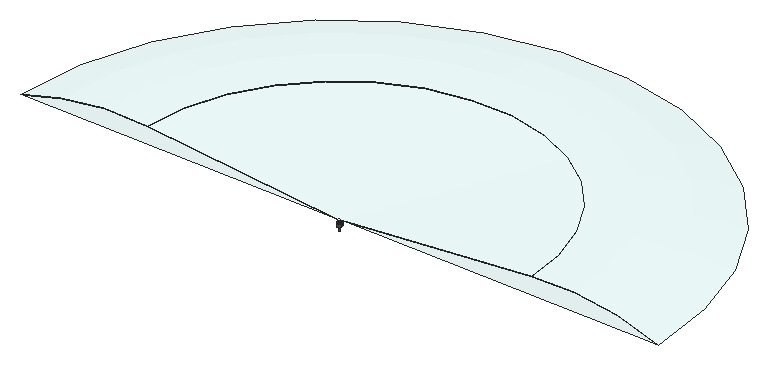
Revit family "MPR Series Nozzles - FLT", category Conexões de tubo, Revit 2020
Family settings
  Cota do conector redondo = Utilizar diâmetro
  Tipo de parte = Cobertura
  Número OmniClass = 23.60.30.11.14
  Título OmniClass = Pipework Fittings
  Com base no plano de trabalho = Sim
  Sempre na vertical = Sim
  Corte com vazios quando carregada = Não
  Compartilhado = Não
Parameters (values of type "8 Series MPR")
  Water Visibility (Circle) = yes
  Water = Water
  URL = "https://www.rainbird.com/"
  Type = 2 ft
  SupportProjetos: Reviw Date = "2021"  # constant formula
  SupportProjetos: Level of Detail = "LOD 300"  # constant formula
  SupportProjetos: Developed = "MICHEL SOARES MOTA"  # constant formula
  SupportProjetos: Creation Date = "28/07/2020"  # constant formula
  Reviw = "R01"  # constant formula
  RainBird: Product Link = "https://store.rainbird.com/sprinklers/nozzles.html?sprays_nozzleseries=102"
  RainBird: Description [instance] = if(and(Type = 2 ft, Limit Angle = 180.00°), "Spray Nozzles  8H FLT Series MPR ", if(and(Type = 2 ft, Limit Angle = 90.00°), "Spray Nozzles  8Q FLT Series MPR ", "Does not exist"))  # "Spray Nozzles  8H FLT Series MPR "
  RainBird: Comment [instance] = ""
  Radius [instance] = if(and(Limit Angle = 180.00°, Pressure = 15.0 psi, Type = 2 ft), 6 ft, if(and(Limit Angle = 180.00°, Pressure = 20.0 psi, Type = 2 ft), 7 ft, if(and(Limit Angle = 180.00°, Pressure = 25.0 psi, Type = 2 ft), 7 ft, if(and(Limit Angle = 180.00°, Pressure = 30.0 psi, Type = 2 ft), 8 ft, if(and(Limit Angle = 90.00°, Pressure = 15.0 psi, Type = 2 ft), 6 ft, if(and(Limit Angle = 90.00°, Pressure = 20.0 psi, Type = 2 ft), 7 ft, if(and(Limit Angle = 90.00°, Pressure = 25.0 psi, Type = 22 ft), 7 ft, if(and(Limit Angle = 90.00°, Pressure = 30.0 psi, Type = 2 ft), 8 ft, 200 ft))))))))  # 6 ft
  R2 [instance] = 0.032808 ft
  R1 [instance] = 0.026247 ft
  Pressure [instance] = 15 psi
  Plastic 2 = Black Plastic
  Plastic 1 = Green
  PCS - 090 [instance] = no
  PCS - 060 [instance] = no
  PCS - 040 [instance] = no
  PCS - 030 [instance] = no
  PCS - 025 [instance] = no
  PCS - 020 [instance] = yes
  Modelo = "8 MPR FLT"
  Metal = PARAFUSO
  H2 = 1.312 ft  # constant formula
  H1 [instance] = 0.049213 ft
  Flow [instance] = if(and(Limit Angle = 180.00°, Pressure = 15.0 psi, Type = 2 ft), 0.56 GPM, if(and(Limit Angle = 180.00°, Pressure = 20.0 psi, Type = 2 ft), 0.65 GPM, if(and(Limit Angle = 180.00°, Pressure = 25.0 psi, Type = 2 ft), 0.72 GPM, if(and(Limit Angle = 180.00°, Pressure = 30.0 psi, Type = 2 ft), 0.79 GPM, if(and(Limit Angle = 90.00°, Pressure = 15.0 psi, Type = 2 ft), 0.28 GPM, if(and(Limit Angle = 90.00°, Pressure = 20.0 psi, Type = 2 ft), 0.32 GPM, if(and(Limit Angle = 90.00°, Pressure = 25.0 psi, Type = 2 ft), 0.36 GPM, if(and(Limit Angle = 90.00°, Pressure = 30.0 psi, Type = 2 ft), 0.39 GPM, 0.0 GPM))))))))  # 0.56 GPM
  Default Elevation = 4 ft
  Description = "Spray Nozzles MPR Series "  # constant formula
  DT8 [instance] = if(Limit Angle < 360.00°, 0.098425 ft, 6.56168 ft)  # 0.098425 ft
  DT7 [instance] = 4 * Radius  # 24 ft
  DT4 [instance] = 5 * Radius  # 30 ft
  DT3 [instance] = 0.3397 * Radius  # 2.0382 ft
  DT2 = 0.098425 ft  # constant formula
  DT13 = 0.049769 ft
  DT12 = 0.070216 ft
  DT1 = 0.032808 ft
  DT6 = 0 ft
  DT5 [instance] = 0.6 * Radius  # 3.6 ft
  Blue Plastic = Transparent Plastic
  Limit Angle [instance] = if(and(Arc Angle > 0.00°, Arc Angle < 90.00°), 90.00°, if(Arc Angle = 90.00°, 90.00°, if(and(Arc Angle > 90.00°, Arc Angle < 180.00°), 180.00°, if(Arc Angle = 180.00°, 180.00°, 0.00°))))  # 180.00°
  Arc Angle [instance] = 180.00°
  Angle 2 [instance] = if(Limit Angle < 360.00°, 360.00° - Limit Angle, 180.00°)  # 180.00°
  Angle = 5.00°
Reference planes (ft)
  plane 1 "Centro (Frente/Trás)": y = 0
  plane 2: z = 0
  plane 3 "Centro (Esquerda/Direita)": x = 0
Forms (ft)
  Revolve 1, solid, material "Water" <- "Water", visible <- "Water Visibility (Circle)"
    sketch origin (0, 0, 0) x (1, 0, 0) y (0, 0, 1)
      loop
        line (0.032808, 0.098425) -> (6.032808, 0.098425)
        arc (6.032808, 0.098425) -> (4.84301, 0.38648) -> (3.619109, 0.412186) r 5.664562
        line (3.619109, 0.412186) -> (0.032808, 0.098425)
      axis (0, 0.098425) -> (0, 0.412186)
    angle from 0 to 180 <- "Arc Angle"
Dimensions and locks (ft)
  "DT1": Revolve 1 sketch curve to plane 3 "Centro (Esquerda/Direita)"
  "DT2": Revolve 1 sketch curve to level
  "Radius": Revolve 1 sketch curve to Revolve 1 sketch curve
  "DT5": Revolve 1 sketch curve to Revolve 1 sketch curve
  "Angle": angle Revolve 1 sketch curve to Revolve 1 sketch curve
  aligned and locked: level to plane 2
Automatic sketch dimensions
  Revolve 1 sketch curve to plane 3 "Centro (Esquerda/Direita)" = 0 ft
  plane 3 "Centro (Esquerda/Direita)" to Revolve 1 sketch curve = 4.112808 ft
  Revolve 1 sketch curve to Revolve 1 sketch curve = 0.052946 ft
  Revolve 1 sketch curve to Revolve 1 sketch curve = 10.2693 ft
Nested families (ft)
  nested 1: "R VAN PCS Screen" at (0, 0, 0), Material <- "Blue Plastic", PCS.020 <- "PCS - 020", PCS.025 <- "PCS - 025", PCS.030 <- "PCS - 030", PCS.040 <- "PCS - 040", PCS.060 <- "PCS - 060", PCS.090 <- "PCS - 090", type "R VAN PCS Screen"
    with RainBird: Description "PCS - 020", PCS.090 no, PCS.060 no, PCS.040 no, PCS.030 no, PCS.025 no, PCS.020 yes, Material Transparent Plastic
  nested 2: "BOCAL U" at (0, 0, 0), Material 2 <- "Plastic 2", Material 1 <- "Plastic 1", Matreral 3 <- "Metal", type "BOCAL U"
    with Matreral 3 PARAFUSO, Material 2 Black Plastic, Material 1 Green
Connectors (ft)
  piping at (0, 0, 0), diameter 2
    settings: on nested 1, index 1, connector inside diameter 609.6 mm, connector length 0 ft, flow factor 0, pipe flow 0.0 GPM, pressure drop 0 psi, fitting loss kfactor 0, connector angle 0.00°, fixture units 0, engagement length 0 ft, angle of deflection 0.00°, flow configuration 0, flow direction 0, fitting loss method 0, system type 28, joint type 0, gender type 0, connector reference index -1, connector utility 0, adjustable connector no, is connector primary yes, connector description ""
Definition of nested family "R VAN PCS Screen"
  Parameters (values of type "R VAN PCS Screen")
    RainBird: Description [instance] = if(PCS.020, "PCS - 020", if(PCS.025, "PCS - 025", if(PCS.030, "PCS - 030", if(PCS.040, "PCS - 040", if(PCS.060, "PCS - 060", if(PCS.090, "PCS - 090", "Does not exist"))))))  # "PCS - 020"
    PCS.090 [instance] = no
    PCS.060 [instance] = no
    PCS.040 [instance] = no
    PCS.030 [instance] = no
    PCS.020 [instance] = yes
    PCS.025 [instance] = no
    Material [instance] = none
    Default Elevation = 0 ft
  Reference planes (ft)
    plane 1 "Centro (Frente/Trás)": y = 0
    plane 2: z = 0
    plane 3 "Centro (Esquerda/Direita)": x = 0
  Forms (ft)
    Revolve 1, solid, material <- "Material"
      sketch origin (0, 0, 0) x (1, 0, 0) y (0, 0, 1)
        loop
          line (0, -0.088229) -> (0.016404, -0.088229) -> (0.016404, -0.03138) -> (0.022015, -0.015965) -> (0.022015, -0.006562) -> (0.026522, -0.006562) -> (0.026522, 0) -> (0.015453, 0) -> (0.015453, -0.014808) -> (0.009843, -0.030223) -> (0.009843, -0.081723) -> (0, -0.081723) -> (0, -0.088229)
        axis (0, -0.088229) -> (0, 0)
      angle from 0 to 360
  Dimensions and locks (ft)
    level to Revolve 1 sketch curve = 0.088229 ft
    aligned and locked: level to plane 2
Definition of nested family "BOCAL U"
  Parameters (values of type "BOCAL U")
    Matreral 3 [instance] = none
    Material 2 [instance] = none
    Material 1 [instance] = none
    Default Elevation = 0 ft
  Reference planes (ft)
    plane 1 "Centro (Frente/Trás)": y = 0
    plane 2: z = 0
    plane 3 "Centro (Esquerda/Direita)": x = 0
  Forms (ft)
    Extrusion 1, solid, material <- "Material 2"
      sketch origin (0, 0, 0) x (1, 0, 0) y (0, 1, 0)
        loop
          line (-0.03118, -0.001271) -> (-0.008961, -0.001271)
          arc (-0.008961, -0.001271) -> (-0.009051, 0.000025) -> (-0.008954, 0.00132) r 0.009051
          line (-0.008954, 0.00132) -> (-0.031114, 0.00132)
          arc (-0.031114, 0.00132) -> (-0.031171, 0.000025) -> (-0.03118, -0.001271) r 0.035662
        loop
          arc (0.030801, -0.001271) -> (0.030856, 0.000024) -> (0.030865, 0.00132) r 0.035662
          line (0.030865, 0.00132) -> (0.008954, 0.00132)
          arc (0.008954, 0.00132) -> (0.009051, 0.000025) -> (0.008961, -0.001271) r 0.009051
          line (0.008961, -0.001271) -> (0.030801, -0.001271)
      from 0.038472 to 0.069223
    Extrusion 2, solid, material <- "Matreral 3"
      sketch origin (0, 0, 0) x (1, 0, 0) y (0, 1, 0)
        loop
          circle (0, 0) r 0.005499
      from 0.045527 to 0.069223
    Extrusion 3, solid, material <- "Matreral 3"
      sketch origin (0, 0, 0) x (1, 0, 0) y (0, 1, 0)
        loop
          arc (-0.000633, 0.005462) -> (-0.005499, 0) -> (-0.000633, -0.005462) r 0.005499
          line (-0.000633, -0.005462) -> (-0.000633, 0.005462)
        loop
          line (0.000633, 0.005462) -> (0.000633, -0.005462)
          arc (0.000633, -0.005462) -> (0.005499, 0) -> (0.000633, 0.005462) r 0.005499
      from 0.06414 to 0.070693
    Revolve 4, solid, material <- "Material 2"
      sketch origin (0, 0, 0) x (1, 0, 0) y (0, 0, 1)
        loop
          line (0.005759, 0.069223) -> (0.005759, 0.023442) -> (0.02249, 0.023442) -> (0.02249, 0) -> (0.038894, 0) -> (0.038894, 0.053848) -> (0.030801, 0.053848) -> (0.030801, 0.060361) -> (0.038894, 0.060361) -> (0.038894, 0.069223) -> (0.030865, 0.069223) -> (0.030865, 0.065245) -> (0.008961, 0.065245) -> (0.008961, 0.069223) -> (0.005759, 0.069223)
        axis (0, 0) -> (0, 0.069223)
      angle from 0 to 360
    Extrusion 5, solid, material <- "Material 1"
      sketch origin (0, 0, 0) x (1, 0, 0) y (0, 1, 0)
        loop
          circle (0, 0) r 0.038894
        loop
          circle (0, 0) r 0.030865
      from 0.069223 to 0.070693
  Cuts and joins
    joined: Extrusion 2, Extrusion 3
  Dimensions and locks (ft)
    aligned and locked: level to plane 2
